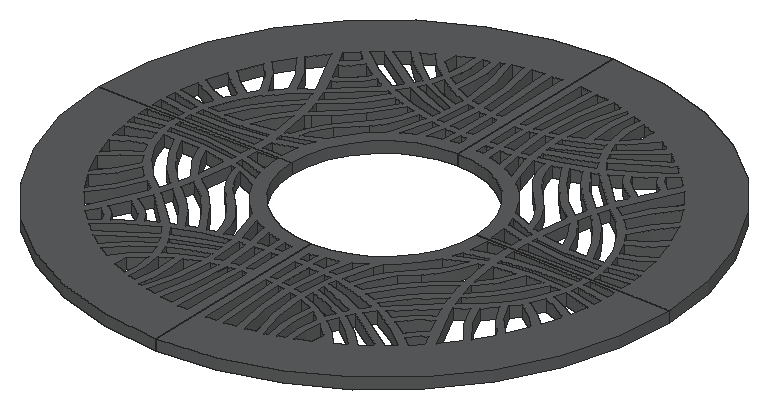
Revit family "Приствольная решётка (круглая) Р-02", category Антураж, Revit 2017
Family settings
  На основе рабочей плоскости = Нет
  Всегда вертикально = Да
  При загрузке вырезать с полостями = Нет
  Источник визуального образа = Геометрия семейства
  Общий = Нет
  Точка расчета площади = Нет
Parameters (values of type "Приствольная решётка (круглая) Р-02")
  Изготовитель = "ООО \"Хоббика\""
  Высота = 0 mm
  URL = "https://hobbyka.ru/product/pristvolnaya_reshetka_kruglaya_r02/?sphrase_id=70611"
  ADSK_Размер_Диаметр = 1300 mm
  ADSK_Размер_Высота = 25 mm
  ADSK_Наименование = "Приствольная решётка (круглая) Р-02"
  ADSK_Материал решетки = Чугун, серый
  ADSK_Код изделия = "10277"
  ADSK_Вес = 2.16 kg
Reference planes
  plane 1 "По центру (Вперед/Назад)": y = 0
  plane 2: z = 0
  plane 3 "По центру (Влево/Вправо)": x = 0
Forms (mm)
  Extrusion 1, solid, material "Чугун, серый" <- "ADSK_Материал решетки"
    sketch origin (0, 0, 0) x (1, 0, 0) y (0, 1, 0)
      loop
        line (0, 650) -> (0, 210)
        arc (0, 210) -> (148.492, 148.492) -> (210, 0) r 210
        line (210, 0) -> (650, 0)
        arc (650, 0) -> (459.619, 459.619) -> (0, 650) r 650
      loop
        arc (20, 363.069) -> (26.947, 363.259) -> (33.888, 363.617) r 285.645
        arc (33.888, 363.617) -> (36.762, 448.533) -> (43.921, 533.194) r 1681.666
        arc (43.921, 533.194) -> (31.969, 534.044) -> (20, 534.626) r 535
        line (20, 534.626) -> (20, 363.069)
      loop
        line (20, 348.048) -> (20, 278.875)
        arc (20, 278.875) -> (27.65, 278.771) -> (35.302, 278.785) r 492.695
        arc (35.302, 278.785) -> (34.2, 313.774) -> (33.826, 348.779) r 1681.666
        line (33.826, 348.779) -> (20, 348.048)
      loop
        arc (20, 238.754) -> (28.855, 238.288) -> (37.59, 236.766) r 73.909
        arc (37.59, 236.766) -> (36.732, 250.392) -> (35.985, 264.023) r 1681.666
        line (35.985, 264.023) -> (20, 263.874) -> (20, 238.754)
      loop
        arc (87.192, 527.847) -> (73.047, 529.99) -> (58.849, 531.753) r 535
        arc (58.849, 531.753) -> (51.818, 448.491) -> (48.955, 364.982) r 1671.741
        arc (48.955, 364.982) -> (57.456, 366.109) -> (65.919, 367.49) r 285.645
        arc (65.919, 367.49) -> (71.17, 448.383) -> (87.192, 527.847) r 604.772
      loop
        arc (125.033, 520.184) -> (113.5, 522.822) -> (101.911, 525.204) r 535
        arc (101.911, 525.204) -> (86.418, 448.592) -> (81.032, 370.615) r 599.032
        arc (81.032, 370.615) -> (89.49, 372.74) -> (97.879, 375.122) r 285.645
        arc (97.879, 375.122) -> (105.571, 448.755) -> (125.033, 520.184) r 457.731
      loop
        arc (148.385, 514.011) -> (143.984, 515.261) -> (139.573, 516.473) r 535
        arc (139.573, 516.473) -> (121.068, 449.383) -> (113.264, 380.226) r 444.393
        arc (113.264, 380.226) -> (129.001, 386.481) -> (144.34, 393.657) r 285.645
        arc (144.34, 393.657) -> (140.006, 454.048) -> (148.385, 514.011) r 288.185
      loop
        line (178.484, 503.187) -> (162.525, 508.604)
        arc (162.525, 508.604) -> (155.115, 455.126) -> (158.37, 401.235) r 273.084
        arc (158.37, 401.235) -> (170.505, 408.642) -> (182.256, 416.643) r 285.645
        arc (182.256, 416.643) -> (176.267, 459.736) -> (178.484, 503.187) r 230.45
      loop
        arc (225.662, 485.079) -> (209.585, 492.239) -> (193.281, 498.866) r 535
        arc (193.281, 498.866) -> (191.236, 462.744) -> (195.598, 426.828) r 204.195
        arc (195.598, 426.828) -> (211.085, 440.341) -> (225.561, 454.933) r 285.645
        arc (225.561, 454.933) -> (224.74, 470.009) -> (225.662, 485.079) r 130.796
      loop
        arc (206.939, 388.836) -> (247.214, 418.833) -> (283.11, 453.953) r 374.155
        arc (283.11, 453.953) -> (270.142, 461.788) -> (256.958, 469.252) r 535
        arc (256.958, 469.252) -> (230.106, 437.814) -> (198.583, 411.061) r 258.327
        line (198.583, 411.061) -> (206.939, 388.836)
      loop
        arc (113.361, 345.387) -> (154.682, 360.72) -> (193.914, 380.805) r 374.155
        arc (193.914, 380.805) -> (189.922, 391.021) -> (186.42, 401.415) r 230.45
        arc (186.42, 401.415) -> (150.896, 380.345) -> (112.843, 364.288) r 303.779
        arc (112.843, 364.288) -> (112.855, 354.831) -> (113.361, 345.387) r 180.864
      loop
        arc (97.783, 359.688) -> (89.526, 357.303) -> (81.172, 355.283) r 196.288
        arc (81.172, 355.283) -> (83.154, 318.572) -> (87.426, 282.057) r 587.887
        arc (87.426, 282.057) -> (96.137, 283.148) -> (104.828, 284.395) r 492.695
        arc (104.828, 284.395) -> (99.748, 321.896) -> (97.783, 359.688) r 457.731
      loop
        line (66.145, 352.259) -> (48.87, 350.032)
        arc (48.87, 350.032) -> (49.165, 314.587) -> (50.337, 279.16) r 1431.146
        arc (50.337, 279.16) -> (61.376, 279.728) -> (72.399, 280.543) r 492.695
        arc (72.399, 280.543) -> (68.204, 316.308) -> (66.145, 352.259) r 604.772
      loop
        line (74.752, 265.855) -> (51.011, 264.172)
        arc (51.011, 264.172) -> (52.45, 248.989) -> (52.797, 233.742) r 212.805
        arc (52.797, 233.742) -> (68.241, 229.773) -> (83.352, 224.681) r 217.038
        arc (83.352, 224.681) -> (78.694, 245.194) -> (74.752, 265.855) r 604.772
      loop
        line (107.672, 269.784) -> (89.836, 267.412)
        arc (89.836, 267.412) -> (94.564, 242.301) -> (100.345, 217.41) r 606.867
        arc (100.345, 217.41) -> (114.031, 210.805) -> (127.155, 203.142) r 192.848
        arc (127.155, 203.142) -> (116.148, 236.093) -> (107.672, 269.784) r 457.731
      loop
        arc (119.712, 286.899) -> (176.067, 300.744) -> (230.402, 321.12) r 492.695
        arc (230.402, 321.12) -> (222.715, 330.736) -> (215.553, 340.749) r 230.45
        arc (215.553, 340.749) -> (167.324, 319.572) -> (117.09, 303.731) r 486.758
        line (117.09, 303.731) -> (119.712, 286.899)
      loop
        arc (115.393, 317.954) -> (162.205, 333.799) -> (207.525, 353.51) r 589.536
        arc (207.525, 353.51) -> (203.731, 360.262) -> (200.165, 367.138) r 230.45
        arc (200.165, 367.138) -> (157.963, 346.791) -> (114.24, 329.957) r 573.448
        line (114.24, 329.957) -> (115.393, 317.954)
      loop
        arc (221.06, 360.3) -> (273.489, 390.976) -> (322.483, 426.884) r 589.536
        arc (322.483, 426.884) -> (309.282, 436.543) -> (295.792, 445.794) r 535
        arc (295.792, 445.794) -> (257.086, 407.547) -> (213.375, 375.139) r 384.95
        arc (213.375, 375.139) -> (216.888, 367.549) -> (221.06, 360.3) r 94.387
      loop
        arc (244.58, 327.683) -> (301.637, 360.051) -> (353.889, 399.712) r 492.695
        line (353.889, 399.712) -> (334.18, 416.996)
        arc (334.18, 416.996) -> (283.427, 379.68) -> (229.067, 347.846) r 604.669
        arc (229.067, 347.846) -> (236.598, 337.591) -> (244.58, 327.683) r 284.065
      loop
        arc (402.006, 353.01) -> (369.549, 294.707) -> (343.084, 233.45) r 666.669
        arc (343.084, 233.45) -> (356.345, 224.245) -> (369.281, 214.587) r 467.214
        arc (369.281, 214.587) -> (396.179, 267.735) -> (432.441, 314.992) r 320.787
        arc (432.441, 314.992) -> (417.656, 334.348) -> (402.006, 353.01) r 535
      loop
        arc (337.827, 218.877) -> (333.915, 207.279) -> (330.217, 195.612) r 666.669
        arc (330.217, 195.612) -> (387.127, 134.813) -> (427.436, 61.94) r 337.842
        arc (427.436, 61.94) -> (439.029, 62.93) -> (450.589, 64.257) r 400.007
        arc (450.589, 64.257) -> (408.711, 152.144) -> (337.827, 218.877) r 264.004
      loop
        arc (325.585, 179.829) -> (321.889, 166.071) -> (318.488, 152.237) r 666.669
        arc (318.488, 152.237) -> (349.863, 109.677) -> (372.391, 61.84) r 271.393
        arc (372.391, 61.84) -> (392.154, 61.003) -> (411.935, 61.144) r 400.007
        arc (411.935, 61.144) -> (375.426, 125.337) -> (325.585, 179.829) r 330.752
      loop
        arc (314.473, 133.972) -> (308.912, 103.218) -> (304.798, 72.237) r 666.669
        arc (304.798, 72.237) -> (330.107, 66.952) -> (355.705, 63.312) r 400.007
        arc (355.705, 63.312) -> (337.995, 100.338) -> (314.473, 133.972) r 250.364
      loop
        arc (406.655, 178.498) -> (432.361, 223.458) -> (465.972, 262.859) r 277.574
        arc (465.972, 262.859) -> (454.147, 282.799) -> (441.47, 302.208) r 535
        arc (441.47, 302.208) -> (406.661, 256.367) -> (381.406, 204.644) r 295.289
        arc (381.406, 204.644) -> (394.29, 191.821) -> (406.655, 178.498) r 458.834
      loop
        arc (430.577, 147.204) -> (465.925, 170.279) -> (496.427, 199.462) r 228.566
        arc (496.427, 199.462) -> (485.642, 224.449) -> (473.599, 248.855) r 535
        arc (473.599, 248.855) -> (441.367, 209.971) -> (417.169, 165.639) r 262.785
        line (417.169, 165.639) -> (430.577, 147.204)
      loop
        arc (452.382, 104.762) -> (486.246, 118.426) -> (516.77, 138.468) r 185.204
        arc (516.77, 138.468) -> (510.194, 161.019) -> (502.634, 183.26) r 535
        arc (502.634, 183.26) -> (472.273, 156.155) -> (438.016, 134.182) r 257.076
        arc (438.016, 134.182) -> (445.653, 119.694) -> (452.382, 104.762) r 265.475
      loop
        arc (465.6, 66.493) -> (497.429, 73.192) -> (528.608, 82.456) r 400.007
        arc (528.608, 82.456) -> (525.184, 102.014) -> (521.037, 121.432) r 535
        arc (521.037, 121.432) -> (490.597, 103.883) -> (458.319, 90.001) r 300.967
        line (458.319, 90.001) -> (465.6, 66.493)
      loop
        arc (471.24, 37.448) -> (502.22, 41.305) -> (532.947, 46.829) r 578.349
        arc (532.947, 46.829) -> (531.943, 57.113) -> (530.74, 67.377) r 535
        arc (530.74, 67.377) -> (500.038, 58.493) -> (468.759, 51.923) r 428.496
        arc (468.759, 51.923) -> (470.346, 44.745) -> (471.24, 37.448) r 76.922
      loop
        line (473.977, 7.999) -> (534.94, 7.999)
        arc (534.94, 7.999) -> (534.633, 19.814) -> (534.065, 31.62) r 535
        arc (534.065, 31.62) -> (503.73, 26.433) -> (473.183, 22.7) r 644.608
        line (473.183, 22.7) -> (473.977, 7.999)
      loop
        line (300.921, 7.999) -> (459.163, 7.999)
        arc (459.163, 7.999) -> (458.791, 14.658) -> (458.25, 21.305) r 264.004
        arc (458.25, 21.305) -> (379.623, 21.09) -> (301.577, 30.638) r 632.202
        arc (301.577, 30.638) -> (301.153, 19.321) -> (300.921, 7.999) r 666.669
      loop
        line (283.225, 7.999) -> (284.453, 34.467)
        arc (284.453, 34.467) -> (259.308, 40.727) -> (234.465, 48.093) r 585.881
        arc (234.465, 48.093) -> (237.585, 28.12) -> (239.54, 7.999) r 348.05
        line (239.54, 7.999) -> (283.225, 7.999)
      loop
        line (285.153, 49.569) -> (285.718, 61.751)
        arc (285.718, 61.751) -> (254.297, 72.062) -> (223.872, 85.021) r 386.498
        arc (223.872, 85.021) -> (227.306, 74.928) -> (230.943, 64.905) r 529.961
        arc (230.943, 64.905) -> (257.861, 56.577) -> (285.153, 49.569) r 578.349
      loop
        arc (230.914, 142.498) -> (208.772, 167.239) -> (186.009, 191.411) r 1307.8
        arc (186.009, 191.411) -> (158.223, 230.682) -> (143.498, 276.48) r 158.513
        line (143.498, 276.48) -> (122.652, 272.392)
        arc (122.652, 272.392) -> (131.218, 239.978) -> (141.341, 208.016) r 692.851
        line (141.341, 208.016) -> (147.907, 188.908)
        arc (147.907, 188.908) -> (186.046, 151.198) -> (214.846, 105.95) r 239.697
        arc (214.846, 105.95) -> (237.812, 94.938) -> (261.433, 85.41) r 400.007
        arc (261.433, 85.41) -> (249.418, 115.688) -> (230.914, 142.498) r 144.209
      loop
        line (176.076, 284.976) -> (158.049, 280.275)
        arc (158.049, 280.275) -> (170.993, 240.84) -> (193.238, 205.799) r 167.461
        arc (193.238, 205.799) -> (208.084, 188.879) -> (223.928, 172.888) r 371.493
        arc (223.928, 172.888) -> (257.517, 130.259) -> (277.64, 79.856) r 189.427
        arc (277.64, 79.856) -> (282.641, 78.296) -> (287.663, 76.803) r 400.007
        arc (287.663, 76.803) -> (292.722, 111.385) -> (299.193, 145.73) r 853.569
        arc (299.193, 145.73) -> (294.35, 150.863) -> (288.785, 155.202) r 46.435
        arc (288.785, 155.202) -> (274.22, 165.806) -> (260.621, 177.624) r 209.295
        arc (260.621, 177.624) -> (238.499, 199.93) -> (217.806, 223.567) r 505.516
        arc (217.806, 223.567) -> (195.541, 253.32) -> (176.076, 284.976) r 407.862
      loop
        line (213.457, 297.379) -> (190.535, 289.872)
        arc (190.535, 289.872) -> (239.675, 220.004) -> (303.282, 162.991) r 377.009
        arc (303.282, 162.991) -> (306.329, 177.732) -> (310.575, 192.173) r 183.297
        arc (310.575, 192.173) -> (256.482, 239.668) -> (213.457, 297.379) r 344.036
      loop
        arc (240.801, 309.561) -> (234.107, 306.413) -> (227.287, 303.546) r 177.465
        arc (227.287, 303.546) -> (266.6, 250.89) -> (315.594, 207.096) r 329.005
        line (315.594, 207.096) -> (323.694, 231.179)
        arc (323.694, 231.179) -> (281.69, 269.78) -> (240.801, 309.561) r 2004.388
      loop
        line (281.383, 330.251) -> (255.493, 316.078)
        arc (255.493, 316.078) -> (291.758, 280.904) -> (328.901, 246.66) r 1994.707
        arc (328.901, 246.66) -> (334.875, 260.994) -> (341.682, 274.951) r 263.784
        arc (341.682, 274.951) -> (307.101, 297.769) -> (281.383, 330.251) r 130.895
      loop
        arc (332.167, 363.313) -> (313.63, 350.004) -> (294.311, 337.859) r 371.474
        arc (294.311, 337.859) -> (316.982, 309.128) -> (347.432, 288.824) r 116.784
        arc (347.432, 288.824) -> (356.584, 308.51) -> (367.065, 327.522) r 316.252
        arc (367.065, 327.522) -> (347.11, 342.974) -> (332.167, 363.313) r 90.996
      loop
        arc (389.191, 367.09) -> (377.767, 378.837) -> (365.988, 390.228) r 535
        line (365.988, 390.228) -> (344.228, 372.445)
        arc (344.228, 372.445) -> (357.007, 354.352) -> (374.39, 340.621) r 77.366
        line (374.39, 340.621) -> (389.191, 367.09)
      loop
        arc (303.283, 56.634) -> (302.846, 51.245) -> (302.452, 45.852) r 666.669
        arc (302.452, 45.852) -> (379.113, 35.869) -> (456.421, 36.2) r 578.349
        arc (456.421, 36.2) -> (455.309, 42.936) -> (454.023, 49.642) r 264.004
        arc (454.023, 49.642) -> (378.389, 47.442) -> (303.283, 56.634) r 502.046
    from 0 to 25
  Extrusion 2, solid, material "Чугун, серый" <- "ADSK_Материал решетки"
    sketch origin (0, 0, 0) x (-1, 0, 0) y (0, -1, 0)
      loop
        arc (0, -650) -> (459.619, -459.619) -> (650, 0) r 650
        line (650, 0) -> (210, 0)
        arc (210, 0) -> (148.492, -148.492) -> (0, -210) r 210
        line (0, -210) -> (0, -650)
      loop
        line (20, -363.069) -> (20, -534.626)
        arc (20, -534.626) -> (31.969, -534.044) -> (43.921, -533.194) r 535
        arc (43.921, -533.194) -> (36.762, -448.533) -> (33.888, -363.617) r 1681.666
        arc (33.888, -363.617) -> (26.947, -363.259) -> (20, -363.069) r 285.645
      loop
        line (20, -348.048) -> (33.826, -348.779)
        arc (33.826, -348.779) -> (34.2, -313.774) -> (35.302, -278.785) r 1681.666
        arc (35.302, -278.785) -> (27.65, -278.771) -> (20, -278.875) r 492.695
        line (20, -278.875) -> (20, -348.048)
      loop
        line (20, -238.754) -> (20, -263.874) -> (35.985, -264.023)
        arc (35.985, -264.023) -> (36.732, -250.392) -> (37.59, -236.766) r 1681.666
        arc (37.59, -236.766) -> (28.855, -238.288) -> (20, -238.754) r 73.909
      loop
        arc (87.192, -527.847) -> (71.17, -448.383) -> (65.919, -367.49) r 604.772
        arc (65.919, -367.49) -> (57.456, -366.109) -> (48.955, -364.982) r 285.645
        arc (48.955, -364.982) -> (51.818, -448.491) -> (58.849, -531.753) r 1671.741
        arc (58.849, -531.753) -> (73.047, -529.99) -> (87.192, -527.847) r 535
      loop
        arc (125.033, -520.184) -> (105.571, -448.755) -> (97.879, -375.122) r 457.731
        arc (97.879, -375.122) -> (89.49, -372.74) -> (81.032, -370.615) r 285.645
        arc (81.032, -370.615) -> (86.418, -448.592) -> (101.911, -525.204) r 599.032
        arc (101.911, -525.204) -> (113.5, -522.822) -> (125.033, -520.184) r 535
      loop
        arc (148.385, -514.011) -> (140.006, -454.048) -> (144.34, -393.657) r 288.185
        arc (144.34, -393.657) -> (129.001, -386.481) -> (113.264, -380.226) r 285.645
        arc (113.264, -380.226) -> (121.068, -449.383) -> (139.573, -516.473) r 444.393
        arc (139.573, -516.473) -> (143.984, -515.261) -> (148.385, -514.011) r 535
      loop
        arc (178.484, -503.187) -> (176.267, -459.736) -> (182.256, -416.643) r 230.45
        arc (182.256, -416.643) -> (170.505, -408.642) -> (158.37, -401.235) r 285.645
        arc (158.37, -401.235) -> (155.115, -455.126) -> (162.525, -508.604) r 273.084
        line (162.525, -508.604) -> (178.484, -503.187)
      loop
        arc (225.662, -485.079) -> (224.74, -470.009) -> (225.561, -454.933) r 130.796
        arc (225.561, -454.933) -> (211.085, -440.341) -> (195.598, -426.828) r 285.645
        arc (195.598, -426.828) -> (191.236, -462.744) -> (193.281, -498.866) r 204.195
        arc (193.281, -498.866) -> (209.585, -492.239) -> (225.662, -485.079) r 535
      loop
        line (206.939, -388.836) -> (198.583, -411.061)
        arc (198.583, -411.061) -> (230.106, -437.814) -> (256.958, -469.252) r 258.327
        arc (256.958, -469.252) -> (270.142, -461.788) -> (283.11, -453.953) r 535
        arc (283.11, -453.953) -> (247.214, -418.833) -> (206.939, -388.836) r 374.155
      loop
        arc (113.361, -345.387) -> (112.855, -354.831) -> (112.843, -364.288) r 180.864
        arc (112.843, -364.288) -> (150.896, -380.345) -> (186.42, -401.415) r 303.779
        arc (186.42, -401.415) -> (189.922, -391.021) -> (193.914, -380.805) r 230.45
        arc (193.914, -380.805) -> (154.682, -360.72) -> (113.361, -345.387) r 374.155
      loop
        arc (97.783, -359.688) -> (99.748, -321.896) -> (104.828, -284.395) r 457.731
        arc (104.828, -284.395) -> (96.137, -283.148) -> (87.426, -282.057) r 492.695
        arc (87.426, -282.057) -> (83.154, -318.572) -> (81.172, -355.283) r 587.887
        arc (81.172, -355.283) -> (89.526, -357.303) -> (97.783, -359.688) r 196.288
      loop
        arc (66.145, -352.259) -> (68.204, -316.308) -> (72.399, -280.543) r 604.772
        arc (72.399, -280.543) -> (61.376, -279.728) -> (50.337, -279.16) r 492.695
        arc (50.337, -279.16) -> (49.165, -314.587) -> (48.87, -350.032) r 1431.146
        line (48.87, -350.032) -> (66.145, -352.259)
      loop
        arc (74.752, -265.855) -> (78.694, -245.194) -> (83.352, -224.681) r 604.772
        arc (83.352, -224.681) -> (68.241, -229.773) -> (52.797, -233.742) r 217.038
        arc (52.797, -233.742) -> (52.45, -248.989) -> (51.011, -264.172) r 212.805
        line (51.011, -264.172) -> (74.752, -265.855)
      loop
        arc (107.672, -269.784) -> (116.148, -236.093) -> (127.155, -203.142) r 457.731
        arc (127.155, -203.142) -> (114.031, -210.805) -> (100.345, -217.41) r 192.848
        arc (100.345, -217.41) -> (94.564, -242.301) -> (89.836, -267.412) r 606.867
        line (89.836, -267.412) -> (107.672, -269.784)
      loop
        line (119.712, -286.899) -> (117.09, -303.731)
        arc (117.09, -303.731) -> (167.324, -319.572) -> (215.553, -340.749) r 486.758
        arc (215.553, -340.749) -> (222.715, -330.736) -> (230.402, -321.12) r 230.45
        arc (230.402, -321.12) -> (176.067, -300.744) -> (119.712, -286.899) r 492.695
      loop
        line (115.393, -317.954) -> (114.24, -329.957)
        arc (114.24, -329.957) -> (157.963, -346.791) -> (200.165, -367.138) r 573.448
        arc (200.165, -367.138) -> (203.731, -360.262) -> (207.525, -353.51) r 230.45
        arc (207.525, -353.51) -> (162.205, -333.799) -> (115.393, -317.954) r 589.536
      loop
        arc (221.06, -360.3) -> (216.888, -367.549) -> (213.375, -375.139) r 94.387
        arc (213.375, -375.139) -> (257.086, -407.547) -> (295.792, -445.794) r 384.95
        arc (295.792, -445.794) -> (309.282, -436.543) -> (322.483, -426.884) r 535
        arc (322.483, -426.884) -> (273.489, -390.976) -> (221.06, -360.3) r 589.536
      loop
        arc (244.58, -327.683) -> (236.598, -337.591) -> (229.067, -347.846) r 284.065
        arc (229.067, -347.846) -> (283.427, -379.68) -> (334.18, -416.996) r 604.669
        line (334.18, -416.996) -> (353.889, -399.712)
        arc (353.889, -399.712) -> (301.637, -360.051) -> (244.58, -327.683) r 492.695
      loop
        arc (402.006, -353.01) -> (417.656, -334.348) -> (432.441, -314.992) r 535
        arc (432.441, -314.992) -> (396.179, -267.735) -> (369.281, -214.587) r 320.787
        arc (369.281, -214.587) -> (356.345, -224.245) -> (343.084, -233.45) r 467.214
        arc (343.084, -233.45) -> (369.549, -294.707) -> (402.006, -353.01) r 666.669
      loop
        arc (337.827, -218.877) -> (408.711, -152.144) -> (450.589, -64.257) r 264.004
        arc (450.589, -64.257) -> (439.029, -62.93) -> (427.436, -61.94) r 400.007
        arc (427.436, -61.94) -> (387.127, -134.813) -> (330.217, -195.612) r 337.842
        arc (330.217, -195.612) -> (333.915, -207.279) -> (337.827, -218.877) r 666.669
      loop
        arc (325.585, -179.829) -> (375.426, -125.337) -> (411.935, -61.144) r 330.752
        arc (411.935, -61.144) -> (392.154, -61.003) -> (372.391, -61.84) r 400.007
        arc (372.391, -61.84) -> (349.863, -109.677) -> (318.488, -152.237) r 271.393
        arc (318.488, -152.237) -> (321.889, -166.071) -> (325.585, -179.829) r 666.669
      loop
        arc (314.473, -133.972) -> (337.995, -100.338) -> (355.705, -63.312) r 250.364
        arc (355.705, -63.312) -> (330.107, -66.952) -> (304.798, -72.237) r 400.007
        arc (304.798, -72.237) -> (308.912, -103.218) -> (314.473, -133.972) r 666.669
      loop
        arc (406.655, -178.498) -> (394.29, -191.821) -> (381.406, -204.644) r 458.834
        arc (381.406, -204.644) -> (406.661, -256.367) -> (441.47, -302.208) r 295.289
        arc (441.47, -302.208) -> (454.147, -282.799) -> (465.972, -262.859) r 535
        arc (465.972, -262.859) -> (432.361, -223.458) -> (406.655, -178.498) r 277.574
      loop
        line (430.577, -147.204) -> (417.169, -165.639)
        arc (417.169, -165.639) -> (441.367, -209.971) -> (473.599, -248.855) r 262.785
        arc (473.599, -248.855) -> (485.642, -224.449) -> (496.427, -199.462) r 535
        arc (496.427, -199.462) -> (465.925, -170.279) -> (430.577, -147.204) r 228.566
      loop
        arc (452.382, -104.762) -> (445.653, -119.694) -> (438.016, -134.182) r 265.475
        arc (438.016, -134.182) -> (472.273, -156.155) -> (502.634, -183.26) r 257.076
        arc (502.634, -183.26) -> (510.194, -161.019) -> (516.77, -138.468) r 535
        arc (516.77, -138.468) -> (486.246, -118.426) -> (452.382, -104.762) r 185.204
      loop
        line (465.6, -66.493) -> (458.319, -90.001)
        arc (458.319, -90.001) -> (490.597, -103.883) -> (521.037, -121.432) r 300.967
        arc (521.037, -121.432) -> (525.184, -102.014) -> (528.608, -82.456) r 535
        arc (528.608, -82.456) -> (497.429, -73.192) -> (465.6, -66.493) r 400.007
      loop
        arc (471.24, -37.448) -> (470.346, -44.745) -> (468.759, -51.923) r 76.922
        arc (468.759, -51.923) -> (500.038, -58.493) -> (530.74, -67.377) r 428.496
        arc (530.74, -67.377) -> (531.943, -57.113) -> (532.947, -46.829) r 535
        arc (532.947, -46.829) -> (502.22, -41.305) -> (471.24, -37.448) r 578.349
      loop
        line (473.977, -7.999) -> (473.183, -22.7)
        arc (473.183, -22.7) -> (503.73, -26.433) -> (534.065, -31.62) r 644.608
        arc (534.065, -31.62) -> (534.633, -19.814) -> (534.94, -7.999) r 535
        line (534.94, -7.999) -> (473.977, -7.999)
      loop
        arc (300.921, -7.999) -> (301.153, -19.321) -> (301.577, -30.638) r 666.669
        arc (301.577, -30.638) -> (379.623, -21.09) -> (458.25, -21.305) r 632.202
        arc (458.25, -21.305) -> (458.791, -14.658) -> (459.163, -7.999) r 264.004
        line (459.163, -7.999) -> (300.921, -7.999)
      loop
        line (283.225, -7.999) -> (239.54, -7.999)
        arc (239.54, -7.999) -> (237.585, -28.12) -> (234.465, -48.093) r 348.05
        arc (234.465, -48.093) -> (259.308, -40.727) -> (284.453, -34.467) r 585.881
        line (284.453, -34.467) -> (283.225, -7.999)
      loop
        arc (285.153, -49.569) -> (257.861, -56.577) -> (230.943, -64.905) r 578.349
        arc (230.943, -64.905) -> (227.306, -74.928) -> (223.872, -85.021) r 529.961
        arc (223.872, -85.021) -> (254.297, -72.062) -> (285.718, -61.751) r 386.498
        line (285.718, -61.751) -> (285.153, -49.569)
      loop
        arc (230.914, -142.498) -> (249.418, -115.688) -> (261.433, -85.41) r 144.209
        arc (261.433, -85.41) -> (237.812, -94.938) -> (214.846, -105.95) r 400.007
        arc (214.846, -105.95) -> (186.046, -151.198) -> (147.907, -188.908) r 239.697
        line (147.907, -188.908) -> (141.341, -208.016)
        arc (141.341, -208.016) -> (131.218, -239.978) -> (122.652, -272.392) r 692.851
        line (122.652, -272.392) -> (143.498, -276.48)
        arc (143.498, -276.48) -> (158.223, -230.682) -> (186.009, -191.411) r 158.513
        arc (186.009, -191.411) -> (208.772, -167.239) -> (230.914, -142.498) r 1307.8
      loop
        arc (176.076, -284.976) -> (195.541, -253.32) -> (217.806, -223.567) r 407.862
        arc (217.806, -223.567) -> (238.499, -199.93) -> (260.621, -177.624) r 505.516
        arc (260.621, -177.624) -> (274.22, -165.806) -> (288.785, -155.202) r 209.295
        arc (288.785, -155.202) -> (294.35, -150.863) -> (299.193, -145.73) r 46.435
        arc (299.193, -145.73) -> (292.722, -111.385) -> (287.663, -76.803) r 853.569
        arc (287.663, -76.803) -> (282.641, -78.296) -> (277.64, -79.856) r 400.007
        arc (277.64, -79.856) -> (257.517, -130.259) -> (223.928, -172.888) r 189.427
        arc (223.928, -172.888) -> (208.084, -188.879) -> (193.238, -205.799) r 371.493
        arc (193.238, -205.799) -> (170.993, -240.84) -> (158.049, -280.275) r 167.461
        line (158.049, -280.275) -> (176.076, -284.976)
      loop
        arc (213.457, -297.379) -> (256.482, -239.668) -> (310.575, -192.173) r 344.036
        arc (310.575, -192.173) -> (306.329, -177.732) -> (303.282, -162.991) r 183.297
        arc (303.282, -162.991) -> (239.675, -220.004) -> (190.535, -289.872) r 377.009
        line (190.535, -289.872) -> (213.457, -297.379)
      loop
        arc (240.801, -309.561) -> (281.69, -269.78) -> (323.694, -231.179) r 2004.388
        line (323.694, -231.179) -> (315.594, -207.096)
        arc (315.594, -207.096) -> (266.6, -250.89) -> (227.287, -303.546) r 329.005
        arc (227.287, -303.546) -> (234.107, -306.413) -> (240.801, -309.561) r 177.465
      loop
        arc (281.383, -330.251) -> (307.101, -297.769) -> (341.682, -274.951) r 130.895
        arc (341.682, -274.951) -> (334.875, -260.994) -> (328.901, -246.66) r 263.784
        arc (328.901, -246.66) -> (291.758, -280.904) -> (255.493, -316.078) r 1994.707
        line (255.493, -316.078) -> (281.383, -330.251)
      loop
        arc (332.167, -363.313) -> (347.11, -342.974) -> (367.065, -327.522) r 90.996
        arc (367.065, -327.522) -> (356.584, -308.51) -> (347.432, -288.824) r 316.252
        arc (347.432, -288.824) -> (316.982, -309.128) -> (294.311, -337.859) r 116.784
        arc (294.311, -337.859) -> (313.63, -350.004) -> (332.167, -363.313) r 371.474
      loop
        line (389.191, -367.09) -> (374.39, -340.621)
        arc (374.39, -340.621) -> (357.007, -354.352) -> (344.228, -372.445) r 77.366
        line (344.228, -372.445) -> (365.988, -390.228)
        arc (365.988, -390.228) -> (377.767, -378.837) -> (389.191, -367.09) r 535
      loop
        arc (303.283, -56.634) -> (378.389, -47.442) -> (454.023, -49.642) r 502.046
        arc (454.023, -49.642) -> (455.309, -42.936) -> (456.421, -36.2) r 264.004
        arc (456.421, -36.2) -> (379.113, -35.869) -> (302.452, -45.852) r 578.349
        arc (302.452, -45.852) -> (302.846, -51.245) -> (303.283, -56.634) r 666.669
    from 0 to 25
  Extrusion 3, solid, material "Чугун, серый" <- "ADSK_Материал решетки"
    sketch origin (0, 0, 0) x (1, 0, 0) y (0, 1, 0)
      loop
        arc (0, -650) -> (459.619, -459.619) -> (650, 0) r 650
        line (650, 0) -> (210, 0)
        arc (210, 0) -> (148.492, -148.492) -> (0, -210) r 210
        line (0, -210) -> (0, -650)
      loop
        line (20, -363.069) -> (20, -534.626)
        arc (20, -534.626) -> (31.969, -534.044) -> (43.921, -533.194) r 535
        arc (43.921, -533.194) -> (36.762, -448.533) -> (33.888, -363.617) r 1681.666
        arc (33.888, -363.617) -> (26.947, -363.259) -> (20, -363.069) r 285.645
      loop
        line (20, -348.048) -> (33.826, -348.779)
        arc (33.826, -348.779) -> (34.2, -313.774) -> (35.302, -278.785) r 1681.666
        arc (35.302, -278.785) -> (27.65, -278.771) -> (20, -278.875) r 492.695
        line (20, -278.875) -> (20, -348.048)
      loop
        line (20, -238.754) -> (20, -263.874) -> (35.985, -264.023)
        arc (35.985, -264.023) -> (36.732, -250.392) -> (37.59, -236.766) r 1681.666
        arc (37.59, -236.766) -> (28.855, -238.288) -> (20, -238.754) r 73.909
      loop
        arc (87.192, -527.847) -> (71.17, -448.383) -> (65.919, -367.49) r 604.772
        arc (65.919, -367.49) -> (57.456, -366.109) -> (48.955, -364.982) r 285.645
        arc (48.955, -364.982) -> (51.818, -448.491) -> (58.849, -531.753) r 1671.741
        arc (58.849, -531.753) -> (73.047, -529.99) -> (87.192, -527.847) r 535
      loop
        arc (125.033, -520.184) -> (105.571, -448.755) -> (97.879, -375.122) r 457.731
        arc (97.879, -375.122) -> (89.49, -372.74) -> (81.032, -370.615) r 285.645
        arc (81.032, -370.615) -> (86.418, -448.592) -> (101.911, -525.204) r 599.032
        arc (101.911, -525.204) -> (113.5, -522.822) -> (125.033, -520.184) r 535
      loop
        arc (148.385, -514.011) -> (140.006, -454.048) -> (144.34, -393.657) r 288.185
        arc (144.34, -393.657) -> (129.001, -386.481) -> (113.264, -380.226) r 285.645
        arc (113.264, -380.226) -> (121.068, -449.383) -> (139.573, -516.473) r 444.393
        arc (139.573, -516.473) -> (143.984, -515.261) -> (148.385, -514.011) r 535
      loop
        arc (178.484, -503.187) -> (176.267, -459.736) -> (182.256, -416.643) r 230.45
        arc (182.256, -416.643) -> (170.505, -408.642) -> (158.37, -401.235) r 285.645
        arc (158.37, -401.235) -> (155.115, -455.126) -> (162.525, -508.604) r 273.084
        line (162.525, -508.604) -> (178.484, -503.187)
      loop
        arc (225.662, -485.079) -> (224.74, -470.009) -> (225.561, -454.933) r 130.796
        arc (225.561, -454.933) -> (211.085, -440.341) -> (195.598, -426.828) r 285.645
        arc (195.598, -426.828) -> (191.236, -462.744) -> (193.281, -498.866) r 204.195
        arc (193.281, -498.866) -> (209.585, -492.239) -> (225.662, -485.079) r 535
      loop
        line (206.939, -388.836) -> (198.583, -411.061)
        arc (198.583, -411.061) -> (230.106, -437.814) -> (256.958, -469.252) r 258.327
        arc (256.958, -469.252) -> (270.142, -461.788) -> (283.11, -453.953) r 535
        arc (283.11, -453.953) -> (247.214, -418.833) -> (206.939, -388.836) r 374.155
      loop
        arc (113.361, -345.387) -> (112.855, -354.831) -> (112.843, -364.288) r 180.864
        arc (112.843, -364.288) -> (150.896, -380.345) -> (186.42, -401.415) r 303.779
        arc (186.42, -401.415) -> (189.922, -391.021) -> (193.914, -380.805) r 230.45
        arc (193.914, -380.805) -> (154.682, -360.72) -> (113.361, -345.387) r 374.155
      loop
        arc (97.783, -359.688) -> (99.748, -321.896) -> (104.828, -284.395) r 457.731
        arc (104.828, -284.395) -> (96.137, -283.148) -> (87.426, -282.057) r 492.695
        arc (87.426, -282.057) -> (83.154, -318.572) -> (81.172, -355.283) r 587.887
        arc (81.172, -355.283) -> (89.526, -357.303) -> (97.783, -359.688) r 196.288
      loop
        arc (66.145, -352.259) -> (68.204, -316.308) -> (72.399, -280.543) r 604.772
        arc (72.399, -280.543) -> (61.376, -279.728) -> (50.337, -279.16) r 492.695
        arc (50.337, -279.16) -> (49.165, -314.587) -> (48.87, -350.032) r 1431.146
        line (48.87, -350.032) -> (66.145, -352.259)
      loop
        arc (74.752, -265.855) -> (78.694, -245.194) -> (83.352, -224.681) r 604.772
        arc (83.352, -224.681) -> (68.241, -229.773) -> (52.797, -233.742) r 217.038
        arc (52.797, -233.742) -> (52.45, -248.989) -> (51.011, -264.172) r 212.805
        line (51.011, -264.172) -> (74.752, -265.855)
      loop
        arc (107.672, -269.784) -> (116.148, -236.093) -> (127.155, -203.142) r 457.731
        arc (127.155, -203.142) -> (114.031, -210.805) -> (100.345, -217.41) r 192.848
        arc (100.345, -217.41) -> (94.564, -242.301) -> (89.836, -267.412) r 606.867
        line (89.836, -267.412) -> (107.672, -269.784)
      loop
        line (119.712, -286.899) -> (117.09, -303.731)
        arc (117.09, -303.731) -> (167.324, -319.572) -> (215.553, -340.749) r 486.758
        arc (215.553, -340.749) -> (222.715, -330.736) -> (230.402, -321.12) r 230.45
        arc (230.402, -321.12) -> (176.067, -300.744) -> (119.712, -286.899) r 492.695
      loop
        line (115.393, -317.954) -> (114.24, -329.957)
        arc (114.24, -329.957) -> (157.963, -346.791) -> (200.165, -367.138) r 573.448
        arc (200.165, -367.138) -> (203.731, -360.262) -> (207.525, -353.51) r 230.45
        arc (207.525, -353.51) -> (162.205, -333.799) -> (115.393, -317.954) r 589.536
      loop
        arc (221.06, -360.3) -> (216.888, -367.549) -> (213.375, -375.139) r 94.387
        arc (213.375, -375.139) -> (257.086, -407.547) -> (295.792, -445.794) r 384.95
        arc (295.792, -445.794) -> (309.282, -436.543) -> (322.483, -426.884) r 535
        arc (322.483, -426.884) -> (273.489, -390.976) -> (221.06, -360.3) r 589.536
      loop
        arc (244.58, -327.683) -> (236.598, -337.591) -> (229.067, -347.846) r 284.065
        arc (229.067, -347.846) -> (283.427, -379.68) -> (334.18, -416.996) r 604.669
        line (334.18, -416.996) -> (353.889, -399.712)
        arc (353.889, -399.712) -> (301.637, -360.051) -> (244.58, -327.683) r 492.695
      loop
        arc (402.006, -353.01) -> (417.656, -334.348) -> (432.441, -314.992) r 535
        arc (432.441, -314.992) -> (396.179, -267.735) -> (369.281, -214.587) r 320.787
        arc (369.281, -214.587) -> (356.345, -224.245) -> (343.084, -233.45) r 467.214
        arc (343.084, -233.45) -> (369.549, -294.707) -> (402.006, -353.01) r 666.669
      loop
        arc (337.827, -218.877) -> (408.711, -152.144) -> (450.589, -64.257) r 264.004
        arc (450.589, -64.257) -> (439.029, -62.93) -> (427.436, -61.94) r 400.007
        arc (427.436, -61.94) -> (387.127, -134.813) -> (330.217, -195.612) r 337.842
        arc (330.217, -195.612) -> (333.915, -207.279) -> (337.827, -218.877) r 666.669
      loop
        arc (325.585, -179.829) -> (375.426, -125.337) -> (411.935, -61.144) r 330.752
        arc (411.935, -61.144) -> (392.154, -61.003) -> (372.391, -61.84) r 400.007
        arc (372.391, -61.84) -> (349.863, -109.677) -> (318.488, -152.237) r 271.393
        arc (318.488, -152.237) -> (321.889, -166.071) -> (325.585, -179.829) r 666.669
      loop
        arc (314.473, -133.972) -> (337.995, -100.338) -> (355.705, -63.312) r 250.364
        arc (355.705, -63.312) -> (330.107, -66.952) -> (304.798, -72.237) r 400.007
        arc (304.798, -72.237) -> (308.912, -103.218) -> (314.473, -133.972) r 666.669
      loop
        arc (406.655, -178.498) -> (394.29, -191.821) -> (381.406, -204.644) r 458.834
        arc (381.406, -204.644) -> (406.661, -256.367) -> (441.47, -302.208) r 295.289
        arc (441.47, -302.208) -> (454.147, -282.799) -> (465.972, -262.859) r 535
        arc (465.972, -262.859) -> (432.361, -223.458) -> (406.655, -178.498) r 277.574
      loop
        line (430.577, -147.204) -> (417.169, -165.639)
        arc (417.169, -165.639) -> (441.367, -209.971) -> (473.599, -248.855) r 262.785
        arc (473.599, -248.855) -> (485.642, -224.449) -> (496.427, -199.462) r 535
        arc (496.427, -199.462) -> (465.925, -170.279) -> (430.577, -147.204) r 228.566
      loop
        arc (452.382, -104.762) -> (445.653, -119.694) -> (438.016, -134.182) r 265.475
        arc (438.016, -134.182) -> (472.273, -156.155) -> (502.634, -183.26) r 257.076
        arc (502.634, -183.26) -> (510.194, -161.019) -> (516.77, -138.468) r 535
        arc (516.77, -138.468) -> (486.246, -118.426) -> (452.382, -104.762) r 185.204
      loop
        line (465.6, -66.493) -> (458.319, -90.001)
        arc (458.319, -90.001) -> (490.597, -103.883) -> (521.037, -121.432) r 300.967
        arc (521.037, -121.432) -> (525.184, -102.014) -> (528.608, -82.456) r 535
        arc (528.608, -82.456) -> (497.429, -73.192) -> (465.6, -66.493) r 400.007
      loop
        arc (471.24, -37.448) -> (470.346, -44.745) -> (468.759, -51.923) r 76.922
        arc (468.759, -51.923) -> (500.038, -58.493) -> (530.74, -67.377) r 428.496
        arc (530.74, -67.377) -> (531.943, -57.113) -> (532.947, -46.829) r 535
        arc (532.947, -46.829) -> (502.22, -41.305) -> (471.24, -37.448) r 578.349
      loop
        line (473.977, -7.999) -> (473.183, -22.7)
        arc (473.183, -22.7) -> (503.73, -26.433) -> (534.065, -31.62) r 644.608
        arc (534.065, -31.62) -> (534.633, -19.814) -> (534.94, -7.999) r 535
        line (534.94, -7.999) -> (473.977, -7.999)
      loop
        arc (300.921, -7.999) -> (301.153, -19.321) -> (301.577, -30.638) r 666.669
        arc (301.577, -30.638) -> (379.623, -21.09) -> (458.25, -21.305) r 632.202
        arc (458.25, -21.305) -> (458.791, -14.658) -> (459.163, -7.999) r 264.004
        line (459.163, -7.999) -> (300.921, -7.999)
      loop
        line (283.225, -7.999) -> (239.54, -7.999)
        arc (239.54, -7.999) -> (237.585, -28.12) -> (234.465, -48.093) r 348.05
        arc (234.465, -48.093) -> (259.308, -40.727) -> (284.453, -34.467) r 585.881
        line (284.453, -34.467) -> (283.225, -7.999)
      loop
        arc (285.153, -49.569) -> (257.861, -56.577) -> (230.943, -64.905) r 578.349
        arc (230.943, -64.905) -> (227.306, -74.928) -> (223.872, -85.021) r 529.961
        arc (223.872, -85.021) -> (254.297, -72.062) -> (285.718, -61.751) r 386.498
        line (285.718, -61.751) -> (285.153, -49.569)
      loop
        arc (230.914, -142.498) -> (249.418, -115.688) -> (261.433, -85.41) r 144.209
        arc (261.433, -85.41) -> (237.812, -94.938) -> (214.846, -105.95) r 400.007
        arc (214.846, -105.95) -> (186.046, -151.198) -> (147.907, -188.908) r 239.697
        line (147.907, -188.908) -> (141.341, -208.016)
        arc (141.341, -208.016) -> (131.218, -239.978) -> (122.652, -272.392) r 692.851
        line (122.652, -272.392) -> (143.498, -276.48)
        arc (143.498, -276.48) -> (158.223, -230.682) -> (186.009, -191.411) r 158.513
        arc (186.009, -191.411) -> (208.772, -167.239) -> (230.914, -142.498) r 1307.8
      loop
        arc (176.076, -284.976) -> (195.541, -253.32) -> (217.806, -223.567) r 407.862
        arc (217.806, -223.567) -> (238.499, -199.93) -> (260.621, -177.624) r 505.516
        arc (260.621, -177.624) -> (274.22, -165.806) -> (288.785, -155.202) r 209.295
        arc (288.785, -155.202) -> (294.35, -150.863) -> (299.193, -145.73) r 46.435
        arc (299.193, -145.73) -> (292.722, -111.385) -> (287.663, -76.803) r 853.569
        arc (287.663, -76.803) -> (282.641, -78.296) -> (277.64, -79.856) r 400.007
        arc (277.64, -79.856) -> (257.517, -130.259) -> (223.928, -172.888) r 189.427
        arc (223.928, -172.888) -> (208.084, -188.879) -> (193.238, -205.799) r 371.493
        arc (193.238, -205.799) -> (170.993, -240.84) -> (158.049, -280.275) r 167.461
        line (158.049, -280.275) -> (176.076, -284.976)
      loop
        arc (213.457, -297.379) -> (256.482, -239.668) -> (310.575, -192.173) r 344.036
        arc (310.575, -192.173) -> (306.329, -177.732) -> (303.282, -162.991) r 183.297
        arc (303.282, -162.991) -> (239.675, -220.004) -> (190.535, -289.872) r 377.009
        line (190.535, -289.872) -> (213.457, -297.379)
      loop
        arc (240.801, -309.561) -> (281.69, -269.78) -> (323.694, -231.179) r 2004.388
        line (323.694, -231.179) -> (315.594, -207.096)
        arc (315.594, -207.096) -> (266.6, -250.89) -> (227.287, -303.546) r 329.005
        arc (227.287, -303.546) -> (234.107, -306.413) -> (240.801, -309.561) r 177.465
      loop
        arc (281.383, -330.251) -> (307.101, -297.769) -> (341.682, -274.951) r 130.895
        arc (341.682, -274.951) -> (334.875, -260.994) -> (328.901, -246.66) r 263.784
        arc (328.901, -246.66) -> (291.758, -280.904) -> (255.493, -316.078) r 1994.707
        line (255.493, -316.078) -> (281.383, -330.251)
      loop
        arc (332.167, -363.313) -> (347.11, -342.974) -> (367.065, -327.522) r 90.996
        arc (367.065, -327.522) -> (356.584, -308.51) -> (347.432, -288.824) r 316.252
        arc (347.432, -288.824) -> (316.982, -309.128) -> (294.311, -337.859) r 116.784
        arc (294.311, -337.859) -> (313.63, -350.004) -> (332.167, -363.313) r 371.474
      loop
        line (389.191, -367.09) -> (374.39, -340.621)
        arc (374.39, -340.621) -> (357.007, -354.352) -> (344.228, -372.445) r 77.366
        line (344.228, -372.445) -> (365.988, -390.228)
        arc (365.988, -390.228) -> (377.767, -378.837) -> (389.191, -367.09) r 535
      loop
        arc (303.283, -56.634) -> (378.389, -47.442) -> (454.023, -49.642) r 502.046
        arc (454.023, -49.642) -> (455.309, -42.936) -> (456.421, -36.2) r 264.004
        arc (456.421, -36.2) -> (379.113, -35.869) -> (302.452, -45.852) r 578.349
        arc (302.452, -45.852) -> (302.846, -51.245) -> (303.283, -56.634) r 666.669
    from 0 to 25
  Extrusion 4, solid, material "Чугун, серый" <- "ADSK_Материал решетки"
    sketch origin (0, 0, 0) x (-1, 0, 0) y (0, -1, 0)
      loop
        line (0, 650) -> (0, 210)
        arc (0, 210) -> (148.492, 148.492) -> (210, 0) r 210
        line (210, 0) -> (650, 0)
        arc (650, 0) -> (459.619, 459.619) -> (0, 650) r 650
      loop
        arc (20, 363.069) -> (26.947, 363.259) -> (33.888, 363.617) r 285.645
        arc (33.888, 363.617) -> (36.762, 448.533) -> (43.921, 533.194) r 1681.666
        arc (43.921, 533.194) -> (31.969, 534.044) -> (20, 534.626) r 535
        line (20, 534.626) -> (20, 363.069)
      loop
        line (20, 348.048) -> (20, 278.875)
        arc (20, 278.875) -> (27.65, 278.771) -> (35.302, 278.785) r 492.695
        arc (35.302, 278.785) -> (34.2, 313.774) -> (33.826, 348.779) r 1681.666
        line (33.826, 348.779) -> (20, 348.048)
      loop
        arc (20, 238.754) -> (28.855, 238.288) -> (37.59, 236.766) r 73.909
        arc (37.59, 236.766) -> (36.732, 250.392) -> (35.985, 264.023) r 1681.666
        line (35.985, 264.023) -> (20, 263.874) -> (20, 238.754)
      loop
        arc (87.192, 527.847) -> (73.047, 529.99) -> (58.849, 531.753) r 535
        arc (58.849, 531.753) -> (51.818, 448.491) -> (48.955, 364.982) r 1671.741
        arc (48.955, 364.982) -> (57.456, 366.109) -> (65.919, 367.49) r 285.645
        arc (65.919, 367.49) -> (71.17, 448.383) -> (87.192, 527.847) r 604.772
      loop
        arc (125.033, 520.184) -> (113.5, 522.822) -> (101.911, 525.204) r 535
        arc (101.911, 525.204) -> (86.418, 448.592) -> (81.032, 370.615) r 599.032
        arc (81.032, 370.615) -> (89.49, 372.74) -> (97.879, 375.122) r 285.645
        arc (97.879, 375.122) -> (105.571, 448.755) -> (125.033, 520.184) r 457.731
      loop
        arc (148.385, 514.011) -> (143.984, 515.261) -> (139.573, 516.473) r 535
        arc (139.573, 516.473) -> (121.068, 449.383) -> (113.264, 380.226) r 444.393
        arc (113.264, 380.226) -> (129.001, 386.481) -> (144.34, 393.657) r 285.645
        arc (144.34, 393.657) -> (140.006, 454.048) -> (148.385, 514.011) r 288.185
      loop
        line (178.484, 503.187) -> (162.525, 508.604)
        arc (162.525, 508.604) -> (155.115, 455.126) -> (158.37, 401.235) r 273.084
        arc (158.37, 401.235) -> (170.505, 408.642) -> (182.256, 416.643) r 285.645
        arc (182.256, 416.643) -> (176.267, 459.736) -> (178.484, 503.187) r 230.45
      loop
        arc (225.662, 485.079) -> (209.585, 492.239) -> (193.281, 498.866) r 535
        arc (193.281, 498.866) -> (191.236, 462.744) -> (195.598, 426.828) r 204.195
        arc (195.598, 426.828) -> (211.085, 440.341) -> (225.561, 454.933) r 285.645
        arc (225.561, 454.933) -> (224.74, 470.009) -> (225.662, 485.079) r 130.796
      loop
        arc (206.939, 388.836) -> (247.214, 418.833) -> (283.11, 453.953) r 374.155
        arc (283.11, 453.953) -> (270.142, 461.788) -> (256.958, 469.252) r 535
        arc (256.958, 469.252) -> (230.106, 437.814) -> (198.583, 411.061) r 258.327
        line (198.583, 411.061) -> (206.939, 388.836)
      loop
        arc (113.361, 345.387) -> (154.682, 360.72) -> (193.914, 380.805) r 374.155
        arc (193.914, 380.805) -> (189.922, 391.021) -> (186.42, 401.415) r 230.45
        arc (186.42, 401.415) -> (150.896, 380.345) -> (112.843, 364.288) r 303.779
        arc (112.843, 364.288) -> (112.855, 354.831) -> (113.361, 345.387) r 180.864
      loop
        arc (97.783, 359.688) -> (89.526, 357.303) -> (81.172, 355.283) r 196.288
        arc (81.172, 355.283) -> (83.154, 318.572) -> (87.426, 282.057) r 587.887
        arc (87.426, 282.057) -> (96.137, 283.148) -> (104.828, 284.395) r 492.695
        arc (104.828, 284.395) -> (99.748, 321.896) -> (97.783, 359.688) r 457.731
      loop
        line (66.145, 352.259) -> (48.87, 350.032)
        arc (48.87, 350.032) -> (49.165, 314.587) -> (50.337, 279.16) r 1431.146
        arc (50.337, 279.16) -> (61.376, 279.728) -> (72.399, 280.543) r 492.695
        arc (72.399, 280.543) -> (68.204, 316.308) -> (66.145, 352.259) r 604.772
      loop
        line (74.752, 265.855) -> (51.011, 264.172)
        arc (51.011, 264.172) -> (52.45, 248.989) -> (52.797, 233.742) r 212.805
        arc (52.797, 233.742) -> (68.241, 229.773) -> (83.352, 224.681) r 217.038
        arc (83.352, 224.681) -> (78.694, 245.194) -> (74.752, 265.855) r 604.772
      loop
        line (107.672, 269.784) -> (89.836, 267.412)
        arc (89.836, 267.412) -> (94.564, 242.301) -> (100.345, 217.41) r 606.867
        arc (100.345, 217.41) -> (114.031, 210.805) -> (127.155, 203.142) r 192.848
        arc (127.155, 203.142) -> (116.148, 236.093) -> (107.672, 269.784) r 457.731
      loop
        arc (119.712, 286.899) -> (176.067, 300.744) -> (230.402, 321.12) r 492.695
        arc (230.402, 321.12) -> (222.715, 330.736) -> (215.553, 340.749) r 230.45
        arc (215.553, 340.749) -> (167.324, 319.572) -> (117.09, 303.731) r 486.758
        line (117.09, 303.731) -> (119.712, 286.899)
      loop
        arc (115.393, 317.954) -> (162.205, 333.799) -> (207.525, 353.51) r 589.536
        arc (207.525, 353.51) -> (203.731, 360.262) -> (200.165, 367.138) r 230.45
        arc (200.165, 367.138) -> (157.963, 346.791) -> (114.24, 329.957) r 573.448
        line (114.24, 329.957) -> (115.393, 317.954)
      loop
        arc (221.06, 360.3) -> (273.489, 390.976) -> (322.483, 426.884) r 589.536
        arc (322.483, 426.884) -> (309.282, 436.543) -> (295.792, 445.794) r 535
        arc (295.792, 445.794) -> (257.086, 407.547) -> (213.375, 375.139) r 384.95
        arc (213.375, 375.139) -> (216.888, 367.549) -> (221.06, 360.3) r 94.387
      loop
        arc (244.58, 327.683) -> (301.637, 360.051) -> (353.889, 399.712) r 492.695
        line (353.889, 399.712) -> (334.18, 416.996)
        arc (334.18, 416.996) -> (283.427, 379.68) -> (229.067, 347.846) r 604.669
        arc (229.067, 347.846) -> (236.598, 337.591) -> (244.58, 327.683) r 284.065
      loop
        arc (402.006, 353.01) -> (369.549, 294.707) -> (343.084, 233.45) r 666.669
        arc (343.084, 233.45) -> (356.345, 224.245) -> (369.281, 214.587) r 467.214
        arc (369.281, 214.587) -> (396.179, 267.735) -> (432.441, 314.992) r 320.787
        arc (432.441, 314.992) -> (417.656, 334.348) -> (402.006, 353.01) r 535
      loop
        arc (337.827, 218.877) -> (333.915, 207.279) -> (330.217, 195.612) r 666.669
        arc (330.217, 195.612) -> (387.127, 134.813) -> (427.436, 61.94) r 337.842
        arc (427.436, 61.94) -> (439.029, 62.93) -> (450.589, 64.257) r 400.007
        arc (450.589, 64.257) -> (408.711, 152.144) -> (337.827, 218.877) r 264.004
      loop
        arc (325.585, 179.829) -> (321.889, 166.071) -> (318.488, 152.237) r 666.669
        arc (318.488, 152.237) -> (349.863, 109.677) -> (372.391, 61.84) r 271.393
        arc (372.391, 61.84) -> (392.154, 61.003) -> (411.935, 61.144) r 400.007
        arc (411.935, 61.144) -> (375.426, 125.337) -> (325.585, 179.829) r 330.752
      loop
        arc (314.473, 133.972) -> (308.912, 103.218) -> (304.798, 72.237) r 666.669
        arc (304.798, 72.237) -> (330.107, 66.952) -> (355.705, 63.312) r 400.007
        arc (355.705, 63.312) -> (337.995, 100.338) -> (314.473, 133.972) r 250.364
      loop
        arc (406.655, 178.498) -> (432.361, 223.458) -> (465.972, 262.859) r 277.574
        arc (465.972, 262.859) -> (454.147, 282.799) -> (441.47, 302.208) r 535
        arc (441.47, 302.208) -> (406.661, 256.367) -> (381.406, 204.644) r 295.289
        arc (381.406, 204.644) -> (394.29, 191.821) -> (406.655, 178.498) r 458.834
      loop
        arc (430.577, 147.204) -> (465.925, 170.279) -> (496.427, 199.462) r 228.566
        arc (496.427, 199.462) -> (485.642, 224.449) -> (473.599, 248.855) r 535
        arc (473.599, 248.855) -> (441.367, 209.971) -> (417.169, 165.639) r 262.785
        line (417.169, 165.639) -> (430.577, 147.204)
      loop
        arc (452.382, 104.762) -> (486.246, 118.426) -> (516.77, 138.468) r 185.204
        arc (516.77, 138.468) -> (510.194, 161.019) -> (502.634, 183.26) r 535
        arc (502.634, 183.26) -> (472.273, 156.155) -> (438.016, 134.182) r 257.076
        arc (438.016, 134.182) -> (445.653, 119.694) -> (452.382, 104.762) r 265.475
      loop
        arc (465.6, 66.493) -> (497.429, 73.192) -> (528.608, 82.456) r 400.007
        arc (528.608, 82.456) -> (525.184, 102.014) -> (521.037, 121.432) r 535
        arc (521.037, 121.432) -> (490.597, 103.883) -> (458.319, 90.001) r 300.967
        line (458.319, 90.001) -> (465.6, 66.493)
      loop
        arc (471.24, 37.448) -> (502.22, 41.305) -> (532.947, 46.829) r 578.349
        arc (532.947, 46.829) -> (531.943, 57.113) -> (530.74, 67.377) r 535
        arc (530.74, 67.377) -> (500.038, 58.493) -> (468.759, 51.923) r 428.496
        arc (468.759, 51.923) -> (470.346, 44.745) -> (471.24, 37.448) r 76.922
      loop
        line (473.977, 7.999) -> (534.94, 7.999)
        arc (534.94, 7.999) -> (534.633, 19.814) -> (534.065, 31.62) r 535
        arc (534.065, 31.62) -> (503.73, 26.433) -> (473.183, 22.7) r 644.608
        line (473.183, 22.7) -> (473.977, 7.999)
      loop
        line (300.921, 7.999) -> (459.163, 7.999)
        arc (459.163, 7.999) -> (458.791, 14.658) -> (458.25, 21.305) r 264.004
        arc (458.25, 21.305) -> (379.623, 21.09) -> (301.577, 30.638) r 632.202
        arc (301.577, 30.638) -> (301.153, 19.321) -> (300.921, 7.999) r 666.669
      loop
        line (283.225, 7.999) -> (284.453, 34.467)
        arc (284.453, 34.467) -> (259.308, 40.727) -> (234.465, 48.093) r 585.881
        arc (234.465, 48.093) -> (237.585, 28.12) -> (239.54, 7.999) r 348.05
        line (239.54, 7.999) -> (283.225, 7.999)
      loop
        line (285.153, 49.569) -> (285.718, 61.751)
        arc (285.718, 61.751) -> (254.297, 72.062) -> (223.872, 85.021) r 386.498
        arc (223.872, 85.021) -> (227.306, 74.928) -> (230.943, 64.905) r 529.961
        arc (230.943, 64.905) -> (257.861, 56.577) -> (285.153, 49.569) r 578.349
      loop
        arc (230.914, 142.498) -> (208.772, 167.239) -> (186.009, 191.411) r 1307.8
        arc (186.009, 191.411) -> (158.223, 230.682) -> (143.498, 276.48) r 158.513
        line (143.498, 276.48) -> (122.652, 272.392)
        arc (122.652, 272.392) -> (131.218, 239.978) -> (141.341, 208.016) r 692.851
        line (141.341, 208.016) -> (147.907, 188.908)
        arc (147.907, 188.908) -> (186.046, 151.198) -> (214.846, 105.95) r 239.697
        arc (214.846, 105.95) -> (237.812, 94.938) -> (261.433, 85.41) r 400.007
        arc (261.433, 85.41) -> (249.418, 115.688) -> (230.914, 142.498) r 144.209
      loop
        line (176.076, 284.976) -> (158.049, 280.275)
        arc (158.049, 280.275) -> (170.993, 240.84) -> (193.238, 205.799) r 167.461
        arc (193.238, 205.799) -> (208.084, 188.879) -> (223.928, 172.888) r 371.493
        arc (223.928, 172.888) -> (257.517, 130.259) -> (277.64, 79.856) r 189.427
        arc (277.64, 79.856) -> (282.641, 78.296) -> (287.663, 76.803) r 400.007
        arc (287.663, 76.803) -> (292.722, 111.385) -> (299.193, 145.73) r 853.569
        arc (299.193, 145.73) -> (294.35, 150.863) -> (288.785, 155.202) r 46.435
        arc (288.785, 155.202) -> (274.22, 165.806) -> (260.621, 177.624) r 209.295
        arc (260.621, 177.624) -> (238.499, 199.93) -> (217.806, 223.567) r 505.516
        arc (217.806, 223.567) -> (195.541, 253.32) -> (176.076, 284.976) r 407.862
      loop
        line (213.457, 297.379) -> (190.535, 289.872)
        arc (190.535, 289.872) -> (239.675, 220.004) -> (303.282, 162.991) r 377.009
        arc (303.282, 162.991) -> (306.329, 177.732) -> (310.575, 192.173) r 183.297
        arc (310.575, 192.173) -> (256.482, 239.668) -> (213.457, 297.379) r 344.036
      loop
        arc (240.801, 309.561) -> (234.107, 306.413) -> (227.287, 303.546) r 177.465
        arc (227.287, 303.546) -> (266.6, 250.89) -> (315.594, 207.096) r 329.005
        line (315.594, 207.096) -> (323.694, 231.179)
        arc (323.694, 231.179) -> (281.69, 269.78) -> (240.801, 309.561) r 2004.388
      loop
        line (281.383, 330.251) -> (255.493, 316.078)
        arc (255.493, 316.078) -> (291.758, 280.904) -> (328.901, 246.66) r 1994.707
        arc (328.901, 246.66) -> (334.875, 260.994) -> (341.682, 274.951) r 263.784
        arc (341.682, 274.951) -> (307.101, 297.769) -> (281.383, 330.251) r 130.895
      loop
        arc (332.167, 363.313) -> (313.63, 350.004) -> (294.311, 337.859) r 371.474
        arc (294.311, 337.859) -> (316.982, 309.128) -> (347.432, 288.824) r 116.784
        arc (347.432, 288.824) -> (356.584, 308.51) -> (367.065, 327.522) r 316.252
        arc (367.065, 327.522) -> (347.11, 342.974) -> (332.167, 363.313) r 90.996
      loop
        arc (389.191, 367.09) -> (377.767, 378.837) -> (365.988, 390.228) r 535
        line (365.988, 390.228) -> (344.228, 372.445)
        arc (344.228, 372.445) -> (357.007, 354.352) -> (374.39, 340.621) r 77.366
        line (374.39, 340.621) -> (389.191, 367.09)
      loop
        arc (303.283, 56.634) -> (302.846, 51.245) -> (302.452, 45.852) r 666.669
        arc (302.452, 45.852) -> (379.113, 35.869) -> (456.421, 36.2) r 578.349
        arc (456.421, 36.2) -> (455.309, 42.936) -> (454.023, 49.642) r 264.004
        arc (454.023, 49.642) -> (378.389, 47.442) -> (303.283, 56.634) r 502.046
    from 0 to 25
Dimensions and locks
  aligned and locked: level to plane 2
